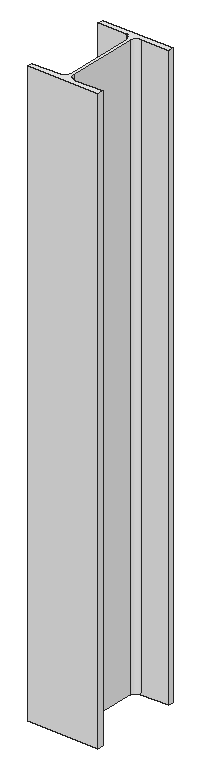
Revit family
Parameters (values of type "HE_no_carter")
  spessore_carter = 15 mm
  distanza_carter_quadrato = 50 mm
  carter_quadrato = no
  carter rettangolare = no
  Materiale pilastro [instance] = Metallo - Acciaio - 345 MPa
  Assembly Code = ""
  A = 0.02 m²
  W = 1.5225
  bf = 300 mm
  d = 400 mm
  k = 51 mm
  kr = k - tf  # 27 mm
  tf = 24 mm
  tw = 13.5 mm
Types (3, lengths in mm): name | carter_quadrato | carter rettangolare
  HE_no_carter | no | no
  HE_carter_quadrato | yes | no
  HE_carter_rettangolare | no | yes
Reference planes
  plane 1: y = 0
  plane 2: z = 0
  plane 3: x = 122.058
  plane 4: x = -27.942
  plane 5: x = 272.058
  plane 6: y = 200
  plane 7: y = -200
  plane 8: x = -42.942
  plane 9: x = 287.058
  plane 10: y = 215
  plane 11: y = -215
  plane 12: x = -92.942
  plane 13: x = 337.058
  plane 14: x = -77.942
  plane 15: x = 322.058
Forms (mm)
  Extrusion 1, solid, material "Metallo - Acciaio - 345 MPa" <- "Materiale pilastro", detail levels medium
    sketch origin (0, 0, 0) x (1, 0, 0) y (0, 1, 0)
      loop
        line (-27.942, 200) -> (-27.942, 176) -> (115.308, 176) -> (115.308, -176) -> (-27.942, -176) -> (-27.942, -200) -> (272.058, -200) -> (272.058, -176) -> (128.808, -176) -> (128.808, 176) -> (272.058, 176) -> (272.058, 200) -> (-27.942, 200)
    from 0 to 2500
  Extrusion 2, solid, material "Metallo - Acciaio - 345 MPa" <- "Materiale pilastro", detail levels fine
    sketch origin (0, 0, 0) x (1, 0, 0) y (0, 1, 0)
      loop
        line (-27.942, 200) -> (-27.942, 176) -> (88.308, 176)
        arc (88.308, 176) -> (107.4, 168.092) -> (115.308, 149) r 27
        line (115.308, 149) -> (115.308, -149)
        arc (115.308, -149) -> (107.4, -168.092) -> (88.308, -176) r 27
        line (88.308, -176) -> (-27.942, -176) -> (-27.942, -200) -> (272.058, -200) -> (272.058, -176) -> (155.808, -176)
        arc (155.808, -176) -> (136.716, -168.092) -> (128.808, -149) r 27
        line (128.808, -149) -> (128.808, 149)
        arc (128.808, 149) -> (136.716, 168.092) -> (155.808, 176) r 27
        line (155.808, 176) -> (272.058, 176) -> (272.058, 200) -> (-27.942, 200)
    from 0 to 2500
  Extrusion 3, solid, visible <- "carter rettangolare"
    sketch origin (0, 0, 0) x (1, 0, 0) y (0, 1, 0)
      loop
        line (-42.942, 215) -> (-42.942, -215) -> (287.058, -215) -> (287.058, 215) -> (-42.942, 215)
      loop
        line (-27.942, 200) -> (-27.942, -200) -> (272.058, -200) -> (272.058, 200) -> (-27.942, 200)
    from 0 to 2500
  Extrusion 4, solid, visible <- "carter_quadrato"
    sketch origin (0, 0, 0) x (1, 0, 0) y (0, 1, 0)
      loop
        line (-92.942, 215) -> (-92.942, -215) -> (337.058, -215) -> (337.058, 215) -> (-92.942, 215)
      loop
        line (-77.942, 200) -> (-77.942, -200) -> (322.058, -200) -> (322.058, 200) -> (-77.942, 200)
    from 0 to 2500
Lines and regions (mm)
  symbolic lines, style "StructuralColumnStickSymbols", detail levels coarse
    curve 1: line (-27.942, 200, 0) -> (272.058, 200, 0)
    curve 2: line (-27.942, -200, 0) -> (272.058, -200, 0)
    curve 3: line (122.058, 200, 0) -> (122.058, -200, 0)
  symbolic lines, style "Lati nascosti", detail levels medium+fine
    curve 4: line (88.089, 0, 0) -> (88.089, 0, 2500)
    curve 5: line (96.027, 0, 2500) -> (96.027, 0, 0)
Dimensions and locks
  equal spacing: plane 4, plane 3, plane 5
  equal spacing: plane 7, plane 1, plane 6
  "d": plane 7 to plane 6
  "bf": plane 4 to plane 5
  "tf": plane 7 to Extrusion 1 sketch curve
  "tf": Extrusion 1 sketch curve to plane 6
  equal spacing: Extrusion 1 sketch curve, plane 3, Extrusion 1 sketch curve
  "tw": Extrusion 1 sketch curve to Extrusion 1 sketch curve
  "spessore_carter": plane 8 to plane 4
  "spessore_carter": plane 10 to plane 6
  "spessore_carter": plane 11 to plane 7
  "spessore_carter": plane 12 to plane 14
  "distanza_carter_quadrato": plane 14 to plane 4
  "spessore_carter": plane 5 to plane 9
  "distanza_carter_quadrato": plane 5 to plane 15
  "spessore_carter": plane 15 to plane 13
  "kr": radius of Extrusion 2 sketch curve  (x4)
  aligned and locked: plane 6 to Extrusion 1 sketch curve
  aligned and locked: Extrusion 1 sketch curve to plane 7
  aligned and locked: Extrusion 1 sketch curve to plane 4  (x2)
  aligned and locked: plane 5 to Extrusion 1 sketch curve  (x2)
  aligned and locked: Extrusion 1 sketch curve to Extrusion 1 sketch curve  (x2)
  aligned and locked: level to Extrusion 1
  aligned and locked: level to plane 2
  aligned and locked: Extrusion 1 to plane 2
  aligned and locked: plane 6 to Extrusion 2 sketch curve
  aligned and locked: plane 5 to Extrusion 2 sketch curve  (x2)
  aligned and locked: Extrusion 2 sketch curve to plane 4  (x2)
  aligned and locked: Extrusion 2 sketch curve to Extrusion 1  (x6)
  aligned and locked: Extrusion 2 sketch curve to plane 7
  aligned and locked: level to Extrusion 2
  aligned and locked: Extrusion 2 to level
  aligned and locked: Extrusion 3 sketch curve to plane 10
  aligned and locked: plane 11 to Extrusion 3 sketch curve
  aligned and locked: Extrusion 3 sketch curve to plane 9
  aligned and locked: plane 8 to Extrusion 3 sketch curve
  aligned and locked: Extrusion 3 sketch curve to plane 4
  aligned and locked: Extrusion 3 sketch curve to plane 7
  aligned and locked: plane 5 to Extrusion 3 sketch curve
  aligned and locked: Extrusion 3 to level
  aligned and locked: level to Extrusion 3
  aligned and locked: plane 6 to Extrusion 3
  aligned and locked: Extrusion 4 sketch curve to plane 10
  aligned and locked: plane 6 to Extrusion 4 sketch curve
  aligned and locked: plane 14 to Extrusion 4 sketch curve
  aligned and locked: plane 12 to Extrusion 4 sketch curve
  aligned and locked: Extrusion 4 sketch curve to plane 15
  aligned and locked: Extrusion 4 sketch curve to plane 13
  aligned and locked: Extrusion 4 sketch curve to plane 7
  aligned and locked: plane 11 to Extrusion 4 sketch curve
  aligned and locked: Extrusion 4 to level
  aligned and locked: level to Extrusion 4
Automatic sketch dimensions
  curve 2 to plane 4 = 0 mm
  curve 1 to plane 4 = 0 mm
  curve 3 to plane 3 = 0 mm
  curve 2 to plane 5 = 0 mm
  curve 1 to plane 5 = 0 mm
  curve 3 to plane 7 = 0 mm
  curve 3 to plane 6 = 0 mm
  curve 4 to level = 0 mm  (x2)
  curve 5 to level = 0 mm  (x2)
  Extrusion 3 sketch curve to plane 10 = 15 mm
  curve 4 to plane 3 = 33.969 mm
  curve 4 to curve 5 = 7.937 mm
